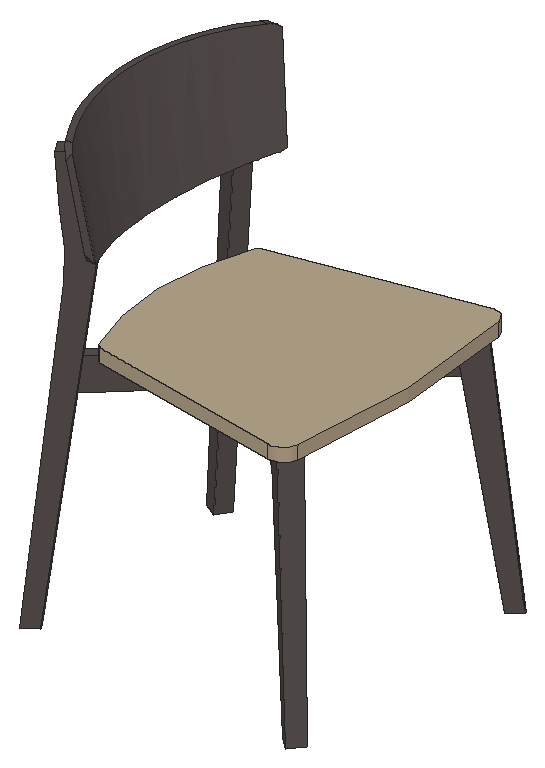
Revit family "Furniture_Chair_HELLEN SE 05", category Furniture, Revit 2019
Family settings
  OmniClass Number = 23.21.23.15.17
  Work Plane-Based = Yes
  Always vertical = No
  Cut with Voids When Loaded = No
  Shared = No
  Room Calculation Point = No
Parameters (values of type "HELLEN SE 05")
  Youtube clip = ""
  Uniformat II Description = "Movable Furnishings"
  Uniformat II Code = ""
  Uniclass 2015 Name = ""
  Uniclass 2015 Code = ""
  Uniclass 2.0 Description = ""
  Uniclass 2.0 Code = ""
  Uniclass 1.4 Description = ""
  Uniclass 1.4 Code = ""
  UNSPSC Code = ""
  Technical description = ""
  Shell Material = Straw Colors
  Frame Material = Wood - Black Wanut
  Region South America = "All"
  Region Oceania = "All"
  Region North America = "All"
  Region Middle East = "All"
  Region Europe = "All"
  Region Asia = "All"
  Region Antarctica = "All"
  Region Africa = "All"
  QR code = "https://www.sandlerseating.com/product/hellen-se-05/"
  Product url = "https://www.sandlerseating.com/product/hellen-se-05/"
  Product name = "HELLEN SE 05"
  Product group = "Chair"
  Product family = "Furniture"
  Product data url = "https://www.sandlerseating.com/product/hellen-se-05/"
  Product certification = ""
  Product SKU = "??"
  Product Guid = "??"
  OmniClass Description = ""
  OmniClass Code = "23-21 23 15 17"
  NBS Reference Description = ""
  NBS Reference Code = ""
  Model = "HELLEN SE 05"
  Masterformat 2014 Description = "Chair Mats"
  Masterformat 2014 Code = "12 48 43.13"
  Manufacturer name = "Sandler"
  Manufacturer country = "USA"
  Manufacturer = "Sandler"
  Installation instructions = ""
  IFC Classification = "Furnishing Element"
  GTIN code = ""
  Edition number = 1
  Design country = "Brasil"
  Description = "Chair"
  Default Elevation = 0.000 mm
  Date of publishing = ""
  COBIe Type Category = ""
  Brand url = "https://www.sandlerseating.com/"
  BIMobject main category code = "furniture"
  BIMobject main category = "Furniture"
  BIMobject category code = "furniture-chair"
  BIMobject category = "Chair"
Reference planes
  plane 1 "Center Front/Back": y = 0
  plane 2: z = 0
  plane 3 "Center Left/Right": x = 0
Forms (mm)
  Blend 1, solid, material "Wood - Black Wanut" <- "Frame Material"
    base sketch origin (2.112, -5, 800) x (0, -1, 0) y (1, 0, 0)
      loop
        line (240.247, -175.623) -> (233.712, -166.775)
        arc (233.712, -166.775) -> (-8.542, -246.81) -> (-250.928, -167.174) r 407.669
        line (-250.928, -167.174) -> (-257.449, -176.033)
        arc (-257.449, -176.033) -> (-8.533, -257.81) -> (240.247, -175.623) r 418.669
    top sketch origin (2.112, -5, 800) x (0, -1, 0) y (1, 0, 0)
      loop
        arc (208.784, -134.755) -> (-8.428, -190.209) -> (-225.566, -134.462) r 451.941
        line (-225.566, -134.462) -> (-232.771, -143.049)
        arc (-232.771, -143.049) -> (-8.626, -201.209) -> (215.644, -143.536) r 462.941
        line (215.644, -143.536) -> (208.784, -134.755)
    from 35 to -197.741
  Extrusion 2, solid, material "Wood - Black Wanut" <- "Frame Material"
    sketch origin (-99.244, 157.161, 0) x (-0.848048, -0.529919, 0) y (0, 0, 1)
      loop
        line (265.23, 783.199) -> (233.021, 643.684)
        arc (233.021, 643.684) -> (230.942, 631.068) -> (231.373, 618.29) r 65
        line (231.373, 618.29) -> (313.615, 0) -> (343.383, 0) -> (280.996, 571.334)
        arc (280.996, 571.334) -> (278.91, 631.072) -> (285.64, 690.465) r 405
        line (285.64, 690.465) -> (292.674, 787.783) -> (276.83, 790.775)
        arc (276.83, 790.775) -> (269.505, 789.321) -> (265.23, 783.199) r 10
    from -250 to -220
  Blend 3, solid, material "Wood - Black Wanut" <- "Frame Material"
    base sketch origin (265.568, 150.482, 800) x (-0.669131, -0.743145, 0) y (0.743145, -0.669131, 0)
      loop
        line (318.881, 250.023) -> (318.881, 280.023) -> (288.881, 280.023) -> (288.881, 250.023) -> (318.881, 250.023)
    top sketch origin (265.568, 150.482, 800) x (-0.669131, -0.743145, 0) y (0.743145, -0.669131, 0)
      loop
        line (323.881, 178.023) -> (323.881, 228.023) -> (283.881, 228.023) -> (283.881, 178.023) -> (323.881, 178.023)
    from -800 to -341.547
  Extrusion 4, solid, material "Wood - Black Wanut" <- "Frame Material"
    sketch origin (-99.244, -157.161, 0) x (-0.848048, 0.529919, 0) y (0, 0, -1)
      loop
        arc (265.23, -783.199) -> (269.505, -789.321) -> (276.83, -790.775) r 10
        line (276.83, -790.775) -> (292.674, -787.783) -> (285.64, -690.465)
        arc (285.64, -690.465) -> (278.91, -631.072) -> (280.996, -571.334) r 405
        line (280.996, -571.334) -> (343.383, 0) -> (313.615, 0) -> (231.373, -618.29)
        arc (231.373, -618.29) -> (230.942, -631.068) -> (233.021, -643.684) r 65
        line (233.021, -643.684) -> (265.23, -783.199)
    from -250 to -220
  Blend 5, solid, material "Wood - Black Wanut" <- "Frame Material"
    base sketch origin (265.568, -150.482, 800) x (-0.669131, 0.743145, 0) y (-0.743145, -0.669131, 0)
      loop
        line (318.881, -250.023) -> (288.881, -250.023) -> (288.881, -280.023) -> (318.881, -280.023) -> (318.881, -250.023)
    top sketch origin (265.568, -150.482, 800) x (-0.669131, 0.743145, 0) y (-0.743145, -0.669131, 0)
      loop
        line (323.881, -178.023) -> (283.881, -178.023) -> (283.881, -228.023) -> (323.881, -228.023) -> (323.881, -178.023)
    from -800 to -341.547
  Extrusion 6, solid, material "Straw Colors" <- "Shell Material"
    sketch origin (67.112, -10, 800) x (0, -1, 0) y (1, 0, 0)
      loop
        arc (246.645, 146.284) -> (241.839, 168.993) -> (222.271, 181.476) r 30
        arc (222.271, 181.476) -> (-8.699, 201.226) -> (-239.669, 181.476) r 1360.402
        arc (-239.669, 181.476) -> (-259.238, 168.993) -> (-264.043, 146.285) r 30
        line (-264.043, 146.285) -> (-194.503, -217.879)
        arc (-194.503, -217.879) -> (-192.432, -222.321) -> (-188.499, -225.246) r 10
        arc (-188.499, -225.246) -> (-8.699, -260.922) -> (171.1, -225.246) r 470.911
        arc (171.1, -225.246) -> (175.034, -222.321) -> (177.105, -217.879) r 10
        line (177.105, -217.879) -> (246.645, 146.284)
    from -346.798 to -322.741
  Extrusion 7, solid, material "Wood - Black Wanut" <- "Frame Material"
    sketch origin (67.112, 0, 800) x (0, -1, 0) y (1, 0, 0)
      loop
        line (0, -45.836) -> (-192.439, 146.603) -> (-213.602, 125.441) -> (-51.739, -38.345) -> (-51.739, -106.834) -> (-192.075, -256.227) -> (-176.266, -272.037) -> (0.629, -83.725) -> (176.915, -271.388) -> (192.707, -255.596) -> (51.739, -105.53) -> (51.739, -38.345) -> (213.124, 124.957) -> (191.958, 146.122) -> (0, -45.836)
    from -407.741 to -346.798
  Extrusion 8, void
    sketch origin (67.112, -5, 0) x (0, 1, 0) y (0, 0, 1)
      loop
        arc (-215.219, 821.376) -> (8.598, 826.501) -> (232.416, 821.375) r 4888.895
        arc (232.416, 821.375) -> (247.496, 815.125) -> (253.742, 800.043) r 21.333
        line (253.742, 800.043) -> (271.313, 800.043) -> (271.313, 845.798) -> (-248.687, 845.798) -> (-248.687, 800.043) -> (-236.552, 800.043)
        arc (-236.552, 800.043) -> (-230.304, 815.127) -> (-215.219, 821.376) r 21.333
    from -347.479 to -210.46
  Extrusion 9, void
    sketch origin (67.112, 0, 0) x (0, 1, 0) y (0, 0, 1)
      loop
        arc (212.594, 627.314) -> (7.514, 613.991) -> (-197.566, 627.314) r 1585.107
        arc (-197.566, 627.314) -> (-215.315, 633.521) -> (-225.612, 649.254) r 29.234
        line (-225.612, 649.254) -> (-245.612, 649.254) -> (-245.612, 579.254) -> (269.388, 579.254) -> (269.388, 649.254) -> (232.754, 649.254)
        arc (232.754, 649.254) -> (226.949, 634.356) -> (212.594, 627.314) r 22.019
    from -293.144 to -192.742
Cuts and joins
  Extrusion 8, Extrusion 9 cuts Blend 1
Dimensions and locks
  aligned and locked: level to plane 2
